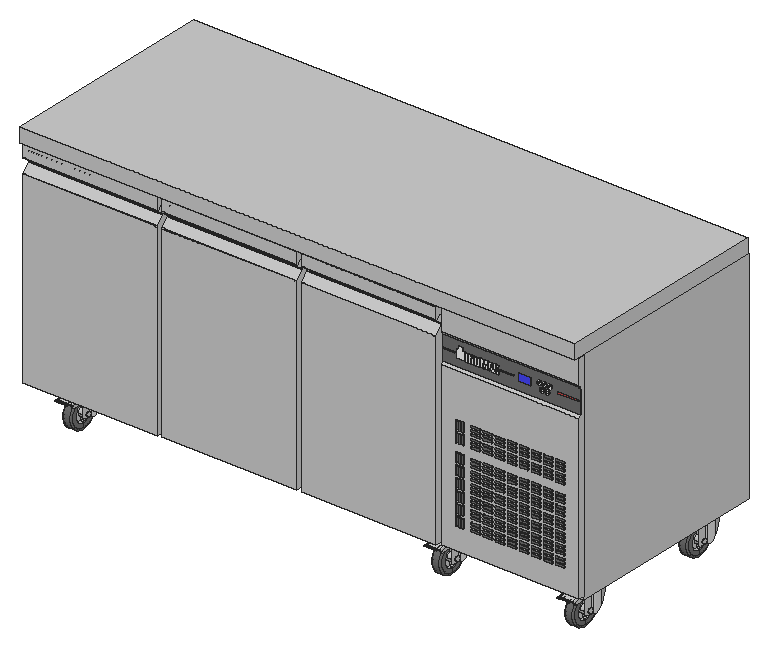
Revit family "QF_INOMAK_PNRP999_250523032323", category Specialty Equipment, Revit 2021
Family settings
  Round Connector Dimension = Use Diameter
  Part Type = Normal
  OmniClass Number = 23.40.40.14
  OmniClass Title = Food Service Equipment
  Work Plane-Based = No
  Always vertical = Yes
  Cut with Voids When Loaded = No
  Shared = No
  Room Calculation Point = No
Parameters (values of type "PNRP999")
  Weight [instance] = 132.998 kg
  Warranty Start Date [instance] = ""
  Warranty Duration [instance] = ""
  Volts [instance] = 230 V
  Volt Free Conn [instance] = no
  URL Recommended Spares List [instance] = ""
  URL Manufacturer [instance] = ""
  URL Cutsheet [instance] = ""
  URL Critical Spares List [instance] = ""
  URL = "www.inomak.com"
  Technical Documentation [instance] = ""
  Tag Number [instance] = ""
  Status [instance] = ""
  Start Up Current [instance] = 0 A
  Specification by User [instance] = ""
  Specification by Manufacturer [instance] = ""
  Sound Level [instance] = ""
  Show Logo [instance] = yes
  Show Clearances [instance] = yes
  Service Life Duration [instance] = ""
  Serial Number [instance] = ""
  Seismic Rating [instance] = ""
  SMACNA No [instance] = ""
  Revision Code [instance] = ""
  Revision [instance] = ""
  Production Year [instance] = ""
  Potential Equalisation [instance] = no
  Point Load [instance] = 0
  Phase [instance] = 1
  Other Equipment Approvals [instance] = ""
  Operational Current [instance] = 0 A
  Number of Poles [instance] = 2
  No Load Power Draw [instance] = no
  NAFEM Spec ID Number [instance] = ""
  Model Warning [instance] = ""
  Model = "PNRP999"
  Min Ckt Ampacity [instance] = 0 A
  Max Overcurrent Protection [instance] = 10 A
  Masterspec [instance] = ""
  Manufacturer = "INOMAK"
  Main switch integrated [instance] = no
  Length Actual [instance] = 1791.97 mm
  Item Number [instance] = ""
  Installed By [instance] = ""
  Installation Date [instance] = ""
  Identify Quantity as Lot [instance] = no
  ID [instance] = ""
  Hygiene Approval [instance] = ""
  Height Actual [instance] = 899.922 mm
  HP power [instance] = ""
  Furnished By [instance] = ""
  Foodservice Equipment Identifier [instance] = no
  FL Amps [instance] = 1.49 A
  Electrical Remarks [instance] = ""
  Electric power [instance] = 340 W
  Electric Connection Type [instance] = ""
  Elec Conn RI Height [instance] = 0 mm
  Elec Conn Connection Height [instance] = 0 mm
  ETL Approved [instance] = no
  Description = "PINE REFRIGERATED COUNTER WITH 3 GN 1/1 DOORS"
  Depth Actual [instance] = 700.024 mm
  Default Elevation = 0 mm
  Cycle [instance] = 50 Hz
  Cost = 0
  Connection to energy optimisation system [instance] = yes
  Conn Plug [instance] = ""
  Conn Conduit [instance] = no
  Centralized building control system with digital interface [instance] = ""
  CSI MasterFormat [instance] = ""
  CE Approved [instance] = no
  Barcode [instance] = 0
  Author [instance] = ""
  Asset Identifier [instance] = ""
  Apparent Power [instance] = 340 VA
  Accessory [instance] = no
Reference planes
  plane 1 "Center (Front/Back)": y = 0
  plane 2: z = 0
  plane 3 "Center (Left/Right)": x = 0
Forms (mm)
  Extrusion 1, solid, not visible
    sketch origin (1385.068, -100.005, 132.006) x (1, 0, 0) y (0, 1, 0)
      loop
        line (-2, 2) -> (-2, -2) -> (2, -2) -> (2, 2) -> (-2, 2)
    from -2 to 2
Dimensions and locks
  locked: nested 2 to Extrusion 1 at 2  (x2)
  aligned and locked: level to plane 2
Nested families
  nested 1: "QF_INOMAK_REF_COUNTERS_1790_2920" at (0, 0, 130), type "PNRP999"
    with Weight 132.998 kg, Warranty Start Date "", Warranty Duration "", URL Cutsheet "", Technical Documentation "", Tag Number "", Status "", Specification by User "", Specification by Manufacturer "", Sound Level "", Solid Fuel Type "", Show Clearances yes, Show Clearance yes, Service Life Duration "", Serial Number "", Seismic Rating "", SMACNA No "", Revision Code "", Revision "", Production Year "", Point Load 0, Other Equipment Approvals "", NAFEM Spec ID Number "", Model Warning "", Masterspec "", Length Actual 1791.97 mm, Item Number "", Installed By "", Installation Date "", Identify Quantity as Lot yes, ID "", Hygiene Approval "", Height Actual 899.922 mm, Furnished By "", Foodservice Equipment Identifier yes, Finish none, ETL Approved yes, Depth Actual 700.024 mm, CSI MasterFormat "", CE Approved yes, Barcode "", Author "", Asset Identifier "", Accessory no
  nested 2: "CONN_POINT_ELE_2D___Generic_Annotation" at (1385.068, -100.005, 130.006), type "CONN_POINT_ELE_2D___Generic_Annotation"
    with Onboard connection annotation symbol visibility yes
  nested 3: "QF_INOMAK_REF_COUNTERS_DOORS_DRAWERS_6956" at (0, -700, 130), type "DR-LX-710"
    with Weight 0.00 kg, Warranty Start Date "", Warranty Duration "", URL Cutsheet "", Top inset 10 mm, Technical Documentation "", Tag Number "", Status "", Specification by User "", Specification by Manufacturer "", Sound Level "", Solid Fuel Type "", Show Logo yes, Show Clearances yes, Service Life Duration "", Serial Number "", Seismic Rating "", SMACNA No "", Right panel thickness 0 mm, Revision Code "", Revision "", Rear inset 0 mm, Production Year "", Point Load 0, Plinth height 0 mm, Other Equipment Approvals "", NAFEM Spec ID Number "", Model Warning "", Masterspec "", Length Actual 435.102 mm, Left panel thickness 0 mm, Item Number "", Installed By "", Installation Date "", Identify Quantity as Lot yes, ID "", Hygiene Approval "", Height Actual 709.93 mm, Furnished By "", Front inset 10 mm, Foodservice Equipment Identifier yes, Finish none, ETL Approved yes, Doors drawers type 8, Depth Actual 80.01 mm, CSI MasterFormat "", CE Approved yes, Bottom inset 10 mm, Barcode "", Author "", Asset Identifier "", Accessory yes
  nested 4: "QF_INOMAK_REF_COUNTERS_DOORS_DRAWERS_16430" at (450, -700, 130), type "DR-RX-710"
    with Weight 0.00 kg, Warranty Start Date "", Warranty Duration "", URL Cutsheet "", Top inset 10 mm, Technical Documentation "", Tag Number "", Status "", Specification by User "", Specification by Manufacturer "", Sound Level "", Solid Fuel Type "", Show Logo yes, Show Clearances yes, Service Life Duration "", Serial Number "", Seismic Rating "", SMACNA No "", Right panel thickness 0 mm, Revision Code "", Revision "", Rear inset 0 mm, Production Year "", Point Load 0, Plinth height 0 mm, Other Equipment Approvals "", NAFEM Spec ID Number "", Model Warning "", Masterspec "", Length Actual 435.102 mm, Left panel thickness 0 mm, Item Number "", Installed By "", Installation Date "", Identify Quantity as Lot yes, ID "", Hygiene Approval "", Height Actual 709.93 mm, Furnished By "", Front inset 10 mm, Foodservice Equipment Identifier yes, Finish none, ETL Approved yes, Doors drawers type 9, Depth Actual 80.01 mm, CSI MasterFormat "", CE Approved yes, Bottom inset 10 mm, Barcode "", Author "", Asset Identifier "", Accessory yes
  nested 5: "QF_INOMAK_REF_COUNTERS_DOORS_DRAWERS_25901" at (900, -700, 130), type "DR-RX-710"
    with Weight 0.00 kg, Warranty Start Date "", Warranty Duration "", URL Cutsheet "", Top inset 10 mm, Technical Documentation "", Tag Number "", Status "", Specification by User "", Specification by Manufacturer "", Sound Level "", Solid Fuel Type "", Show Logo yes, Show Clearances yes, Service Life Duration "", Serial Number "", Seismic Rating "", SMACNA No "", Right panel thickness 0 mm, Revision Code "", Revision "", Rear inset 0 mm, Production Year "", Point Load 0, Plinth height 0 mm, Other Equipment Approvals "", NAFEM Spec ID Number "", Model Warning "", Masterspec "", Length Actual 435.102 mm, Left panel thickness 0 mm, Item Number "", Installed By "", Installation Date "", Identify Quantity as Lot yes, ID "", Hygiene Approval "", Height Actual 709.93 mm, Furnished By "", Front inset 10 mm, Foodservice Equipment Identifier yes, Finish none, ETL Approved yes, Doors drawers type 9, Depth Actual 80.01 mm, CSI MasterFormat "", CE Approved yes, Bottom inset 10 mm, Barcode "", Author "", Asset Identifier "", Accessory yes
  nested 6: "QF_INOMAK_REF_COUNTERS_WORKTOPS_35372" at (0, 0, 840), type "WTWT-1790-700"
    with Worktop without backsplash yes, Worktop with backsplash no, Worktop type 3, Worktop thickness 46 mm, Without worktop no, Weight 0.00 kg, Warranty Start Date "", Warranty Duration "", URL Cutsheet "", Technical Documentation "", Tag Number "", Status "", Specification by User "", Specification by Manufacturer "", Sound Level "", Solid Fuel Type "", Show Logo yes, Show Clearances yes, Service Life Duration "", Serial Number "", Seismic Rating "", SMACNA No "", Revision Code "", Revision "", Production Year "", Point Load 0, Other Equipment Approvals "", NAFEM Spec ID Number "", Model Warning "", Masterspec "", Length Actual 1791.97 mm, Item Number "", Installed By "", Installation Date "", Identify Quantity as Lot yes, ID "", Hygiene Approval "", Height Actual 45.974 mm, Height AFF 0 mm, Furnished By "", Foodservice Equipment Identifier yes, Finish none, ETL Approved yes, Depth Actual 700.024 mm, CSI MasterFormat "", CE Approved yes, Barcode "", Backsplash thickness 20 mm, Backsplash height 60 mm, Author "", Asset Identifier "", Accessory yes
  nested 7: "QF_INOMAK_REF_COUNTERS_CASTORS_37201" at (0, 0, 0), type "CT-1790-700"
    with Weight 0.00 kg, Warranty Start Date "", Warranty Duration "", URL Cutsheet "", Technical Documentation "", Tag Number "", Status "", Specification by User "", Specification by Manufacturer "", Sound Level "", Solid Fuel Type "", Show Logo yes, Show Clearances yes, Service Life Duration "", Serial Number "", Seismic Rating "", SMACNA No "", Revision Code "", Revision "", Production Year "", Point Load 0, Other Equipment Approvals "", NAFEM Spec ID Number "", Model Warning "", Masterspec "", Length Actual 1791.97 mm, Item Number "", Installed By "", Installation Date "", Identify Quantity as Lot yes, ID "", Hygiene Approval "", Height Actual 130.048 mm, Furnished By "", Foodservice Equipment Identifier yes, ETL Approved yes, Depth Actual 700.024 mm, CSI MasterFormat "", CE Approved yes, Barcode "", Author "", Asset Identifier "", Accessory yes
Connectors
  electrical at (1385.068, -100.005, 130.006), driven by "Apparent Power", driven by "Number of Poles", driven by "Volts"
    settings: on Extrusion 1, index 1, voltage 230 V, apparent load 0 VA, apparent load phase1 340 VA, apparent load phase2 0 VA, apparent load phase3 0 VA, power factor 1, load classification "Other", number of poles 2, system type 31, power factor state 1, is connector primary yes, connector utility no, sub classification motor no, connector description "Electrical connection for PNRP999"
Definition of nested family "QF_INOMAK_REF_COUNTERS_1790_2920"
  Parameters (values of type "PMRP999")
    Weight [instance] = 0.00 kg
    Warranty Start Date [instance] = ""
    Warranty Duration [instance] = ""
    URL Cutsheet [instance] = ""
    URL = "www.inomak.com"
    Technical Documentation [instance] = ""
    Tag Number [instance] = ""
    Status [instance] = ""
    Specification by User [instance] = ""
    Specification by Manufacturer [instance] = ""
    Sound Level [instance] = ""
    Solid Fuel Type [instance] = ""
    Show Logo = yes
    Show Clearances [instance] = yes
    Show Clearance [instance] = yes
    Service Life Duration [instance] = ""
    Serial Number [instance] = ""
    Seismic Rating [instance] = ""
    SMACNA No [instance] = ""
    Revision Code [instance] = ""
    Revision [instance] = ""
    Production Year [instance] = ""
    Point Load [instance] = 0
    Other Equipment Approvals [instance] = ""
    NAFEM Spec ID Number [instance] = ""
    Model Warning [instance] = ""
    Model = "PMRP999"
    Masterspec [instance] = ""
    Manufacturer = "INOMAK"
    Length Actual [instance] = 0 mm
    Length = 1792 mm
    Item Number [instance] = ""
    Installed By [instance] = ""
    Installation Date [instance] = ""
    Identify Quantity as Lot [instance] = yes
    ID [instance] = ""
    Hygiene Approval [instance] = ""
    Height Actual [instance] = 0 mm
    Height = 710 mm
    Furnished By [instance] = ""
    Foodservice Equipment Identifier [instance] = yes
    Finish [instance] = none
    ETL Approved [instance] = yes
    Description = "CLOVER CHILLER COUNTER WITH 3 DOORS, COMPACT DIMENSIONS"
    Depth Actual [instance] = 0 mm
    Depth = 600 mm
    Default Elevation = 0 mm
    CSI MasterFormat [instance] = ""
    CE Approved [instance] = yes
    Barcode [instance] = ""
    Author [instance] = ""
    Asset Identifier [instance] = ""
    Assembly Code = "E1090320"
    Accessory [instance] = yes
  Types (2, lengths in mm): name | Model | Description | Depth
    PNRP999 | "PNRP999" | "PINE REFRIGERATED COUNTER WITH 3 GN 1/1 DOORS" | 700
    PMRP999 | "PMRP999" | "CLOVER CHILLER COUNTER WITH 3 DOORS, COMPACT DIMENSIONS" | 600
  Reference planes
    plane 1 "Back": y = 0
    plane 2: z = 0
    plane 3 "Left": x = 0
    plane 4 "Right": x = 1792
    plane 5 "Front": y = -600
    plane 6 "Top": z = 710
  Forms (mm)
    Extrusion 1, solid, material <- "Finish"
      sketch origin (0, 0, 0) x (1, 0, 0) y (0, 1, 0)
        loop
          line (0, -548) -> (30, -548) -> (30, -30) -> (1317, -30) -> (1317, -548) -> (1347, -548) -> (1347, -565) -> (1792, -565) -> (1792, 0) -> (0, 0) -> (0, -548)
      from 0 to 710
    Extrusion 2, solid, material <- "Finish"
      sketch origin (0, 0, 0) x (1, 0, 0) y (0, 1, 0)
        loop
          line (30, -30) -> (30, -548) -> (1317, -548) -> (1317, -30) -> (30, -30)
      from 0 to 45
    Extrusion 3, solid, material <- "Finish"
      sketch origin (0, 0, 710) x (0, 1, 0) y (-1, 0, 0)
        loop
          line (-30, -30) -> (-548, -30) -> (-548, -1317) -> (-30, -1317) -> (-30, -30)
      from 0 to -30
    Extrusion 4, solid, material <- "Finish"
      sketch origin (1792, 0, 0) x (0, -1, 0) y (0, 0, 1)
        loop
          line (583.05, 705) -> (565, 705) -> (565, 10) -> (583.05, 10) -> (583.05, 532.058) -> (576.05, 539.058) -> (576.05, 618.864) -> (583.05, 625.864) -> (583.05, 705)
      from 0 to 445
    Extrusion 5, solid
      sketch origin (0, -600, 0) x (-1, 0, 0) y (0, 0, 1)
        loop
          circle (-1658.654, 586.73) r 6.965
        loop
          circle (-1675.685, 586.73) r 6.965
        loop
          circle (-1692.694, 586.73) r 6.965
        loop
          circle (-1667.18, 568.729) r 6.965
        loop
          circle (-1684.189, 568.729) r 6.965
        loop
          circle (-1658.654, 586.73) r 3.965
        loop
          circle (-1675.685, 586.73) r 3.965
        loop
          circle (-1692.694, 586.73) r 3.965
        loop
          circle (-1667.18, 568.729) r 3.965
        loop
          circle (-1684.189, 568.729) r 3.965
      from 23 to 25.5
    Extrusion 6, solid
      sketch origin (0, -600, 0) x (-1, 0, 0) y (0, 0, 1)
        loop
          line (-1630.865, 590.461) -> (-1630.865, 567.461) -> (-1590.865, 567.461) -> (-1590.865, 590.461) -> (-1630.865, 590.461)
      from 23 to 25.5
    Extrusion 7, solid
      sketch origin (0, -600, 0) x (-1, 0, 0) y (0, 0, 1)
        loop
          line (-1347, 618.864) -> (-1792, 618.864) -> (-1792, 539.058) -> (-1347, 539.058) -> (-1347, 618.864)
      from 23.5 to 25.5
    Extrusion 8, solid, visible <- "Show Logo"
      sketch origin (0, -600, 0) x (-1, 0, 0) y (0, 0, 1)
        loop
          line (-1391.061, 591.01) -> (-1397.061, 591.01) -> (-1397.061, 602.118) -> (-1411.298, 602.118) -> (-1411.298, 591.01) -> (-1417.298, 591.01) -> (-1417.298, 564.76) -> (-1391.061, 564.76) -> (-1391.061, 591.01)
        loop
          line (-1421.613, 590.698) -> (-1428.903, 590.698) -> (-1428.903, 564.76) -> (-1421.613, 564.76) -> (-1421.613, 590.698)
        loop
          line (-1431.422, 564.76) -> (-1431.422, 590.698) -> (-1438.256, 590.698) -> (-1441.449, 578.78) -> (-1441.449, 590.698) -> (-1447.982, 590.698) -> (-1447.982, 564.76) -> (-1441.449, 564.76) -> (-1437.735, 578.623) -> (-1437.735, 564.76) -> (-1431.422, 564.76)
        loop
          line (-1468.664, 564.76) -> (-1468.664, 590.698) -> (-1477.626, 590.698) -> (-1479.988, 576.688) -> (-1482.35, 590.698) -> (-1491.312, 590.698) -> (-1491.312, 564.76) -> (-1484.687, 564.76) -> (-1484.687, 578.623) -> (-1482.35, 564.76) -> (-1477.626, 564.76) -> (-1475.289, 578.623) -> (-1475.289, 564.76) -> (-1468.664, 564.76)
        loop
          line (-1453.851, 590.698) -> (-1463.176, 590.698)
          arc (-1463.176, 590.698) -> (-1465.773, 589.622) -> (-1466.849, 587.026) r 3.672
          line (-1466.849, 587.026) -> (-1466.849, 568.433)
          arc (-1466.849, 568.433) -> (-1465.773, 565.836) -> (-1463.176, 564.76) r 3.672
          line (-1463.176, 564.76) -> (-1453.851, 564.76)
          arc (-1453.851, 564.76) -> (-1451.255, 565.836) -> (-1450.179, 568.433) r 3.672
          line (-1450.179, 568.433) -> (-1450.179, 587.026)
          arc (-1450.179, 587.026) -> (-1451.255, 589.622) -> (-1453.851, 590.698) r 3.672
        loop
          arc (-1457.487, 587.542) -> (-1458.514, 588.569) -> (-1459.541, 587.542) r 1.027
          line (-1459.541, 587.542) -> (-1459.541, 568.949)
          arc (-1459.541, 568.949) -> (-1458.514, 567.922) -> (-1457.487, 568.949) r 1.027
          line (-1457.487, 568.949) -> (-1457.487, 587.542)
        loop
          line (-1492.382, 564.76) -> (-1496.755, 590.698) -> (-1505.615, 590.698) -> (-1509.988, 564.76) -> (-1503.461, 564.76) -> (-1502.852, 569.723) -> (-1499.518, 569.723) -> (-1498.909, 564.76) -> (-1492.382, 564.76)
        loop
          line (-1500.074, 574.252) -> (-1501.185, 583.299) -> (-1502.296, 574.252) -> (-1500.074, 574.252)
        loop
          line (-1510.954, 564.76) -> (-1510.954, 590.698) -> (-1517.579, 590.698) -> (-1517.579, 581.585) -> (-1520.365, 590.698) -> (-1527.803, 590.698) -> (-1523.474, 579.422) -> (-1528.522, 564.76) -> (-1520.939, 564.76) -> (-1517.579, 577.3) -> (-1517.579, 564.76) -> (-1510.954, 564.76)
      from 23 to 25.5
    Extrusion 9, solid
      sketch origin (0, -600, 0) x (-1, 0, 0) y (0, 0, 1)
        loop
          line (-1347, 580.961) -> (-1383.995, 580.961) -> (-1383.995, 576.961) -> (-1347, 576.961) -> (-1347, 580.961)
        loop
          line (-1532, 580.961) -> (-1576.365, 580.961) -> (-1576.365, 576.961) -> (-1532, 576.961) -> (-1532, 580.961)
        loop
          line (-1792, 580.961) -> (-1792, 576.961) -> (-1718.755, 576.961) -> (-1718.755, 580.961) -> (-1792, 580.961)
      from 23 to 25.5
  Cuts and joins
    joined: Extrusion 1, Extrusion 2, Extrusion 3
  Lines and regions (mm)
    symbolic lines, visible <- "Show Clearance"
      curve 1: line (0, 0, 0) -> (1792, 0, 0)
      curve 2: line (1792, 0, 0) -> (1792, -600, 0)
      curve 3: line (1792, -600, 0) -> (0, -600, 0)
      curve 4: line (0, -600, 0) -> (0, 0, 0)
  Dimensions and locks
    "Length": plane 3 "Left" to plane 4 "Right"
    "Depth": plane 5 "Front" to plane 1 "Back"
    "Height": plane 6 "Top" to plane 2
    aligned and locked: level to plane 2
    aligned and locked: plane 6 "Top" to Extrusion 1
    aligned and locked: nested 1 to plane 4 "Right"
    aligned and locked: plane 5 "Front" to nested 1
    aligned and locked: plane 5 "Front" to curve 3
  Automatic sketch dimensions
    plane 3 "Left" to Extrusion 2 sketch curve = 30 mm
    plane 4 "Right" to Extrusion 2 sketch curve = 475 mm
    plane 1 "Back" to Extrusion 2 sketch curve = 30 mm
    plane 1 "Back" to Extrusion 3 sketch curve = 30 mm
    plane 4 "Right" to Extrusion 3 sketch curve = 475 mm
    plane 3 "Left" to Extrusion 3 sketch curve = 30 mm
    Extrusion 1 sketch curve to plane 3 "Left" = 0 mm
    plane 1 "Back" to Extrusion 1 sketch curve = 0 mm
    Extrusion 1 sketch curve to plane 4 "Right" = 0 mm
    plane 3 "Left" to Extrusion 1 sketch curve = 30 mm
    plane 1 "Back" to Extrusion 1 sketch curve = 30 mm
    plane 4 "Right" to Extrusion 1 sketch curve = 475 mm
    Extrusion 1 sketch curve to Extrusion 1 sketch curve = 30 mm
    plane 5 "Front" to Extrusion 1 sketch curve = 35 mm
    plane 5 "Front" to Extrusion 1 sketch curve = 52 mm
    Extrusion 1 sketch curve to Extrusion 1 sketch curve = 17 mm
    plane 5 "Front" to Extrusion 2 sketch curve = 52 mm
    plane 5 "Front" to Extrusion 3 sketch curve = 52 mm
    Extrusion 4 sketch curve to plane 6 "Top" = 5 mm
    plane 5 "Front" to Extrusion 4 sketch curve = 35 mm
    plane 5 "Front" to Extrusion 4 sketch curve = 23.95 mm
    Extrusion 4 sketch curve to Extrusion 4 sketch curve = 7 mm  (x4)
    Extrusion 4 sketch curve to Extrusion 4 sketch curve = 79.136 mm
    Extrusion 4 sketch curve to Extrusion 4 sketch curve = 79.807 mm
    level to Extrusion 4 sketch curve = 10 mm
    Extrusion 5 sketch curve to Extrusion 5 sketch curve = 0 mm  (x13)
    plane 4 "Right" to Extrusion 5 sketch curve = 99.306 mm
    Extrusion 5 sketch curve to Extrusion 5 sketch curve = 8.505 mm
    Extrusion 5 sketch curve to Extrusion 5 sketch curve = 17.009 mm  (x2)
    Extrusion 5 sketch curve to Extrusion 5 sketch curve = 17.03 mm
    Extrusion 5 sketch curve to plane 6 "Top" = 141.271 mm
    Extrusion 5 sketch curve to Extrusion 5 sketch curve = 18.001 mm
    plane 4 "Right" to Extrusion 6 sketch curve = 161.135 mm
    Extrusion 6 sketch curve to Extrusion 6 sketch curve = 40 mm
    Extrusion 6 sketch curve to plane 6 "Top" = 142.539 mm
    Extrusion 6 sketch curve to Extrusion 6 sketch curve = 23 mm
    plane 4 "Right" to Extrusion 7 sketch curve = 0 mm
    Extrusion 7 sketch curve to plane 6 "Top" = 170.942 mm
    plane 4 "Right" to Extrusion 7 sketch curve = 445 mm
    Extrusion 7 sketch curve to Extrusion 7 sketch curve = 79.807 mm
    plane 4 "Right" to Extrusion 8 sketch curve = 263.478 mm
    Extrusion 8 sketch curve to Extrusion 8 sketch curve = 0.72 mm
    Extrusion 8 sketch curve to plane 6 "Top" = 130.578 mm
    Extrusion 8 sketch curve to Extrusion 8 sketch curve = 4.329 mm
    Extrusion 8 sketch curve to Extrusion 8 sketch curve = 7.584 mm
    Extrusion 8 sketch curve to plane 6 "Top" = 119.302 mm  (x2)
    Extrusion 8 sketch curve to Extrusion 8 sketch curve = 7.438 mm
    Extrusion 8 sketch curve to plane 6 "Top" = 132.7 mm
    Extrusion 8 sketch curve to Extrusion 8 sketch curve = 5.895 mm
    Extrusion 8 sketch curve to plane 6 "Top" = 128.415 mm
    Extrusion 8 sketch curve to Extrusion 8 sketch curve = 0 mm  (x11)
    Extrusion 8 sketch curve to Extrusion 8 sketch curve = 6.625 mm  (x2)
    Extrusion 8 sketch curve to Extrusion 8 sketch curve = 0.965 mm
    Extrusion 8 sketch curve to Extrusion 8 sketch curve = 5.338 mm
    Extrusion 8 sketch curve to Extrusion 8 sketch curve = 6.527 mm  (x2)
    Extrusion 8 sketch curve to plane 6 "Top" = 140.277 mm
    Extrusion 8 sketch curve to Extrusion 8 sketch curve = 0.609 mm
    Extrusion 8 sketch curve to plane 6 "Top" = 135.748 mm
    Extrusion 8 sketch curve to Extrusion 8 sketch curve = 0.556 mm
    Extrusion 8 sketch curve to plane 6 "Top" = 126.701 mm
    Extrusion 8 sketch curve to Extrusion 8 sketch curve = 4.43 mm  (x2)
    Extrusion 8 sketch curve to Extrusion 8 sketch curve = 2.222 mm
    Extrusion 8 sketch curve to Extrusion 8 sketch curve = 3.334 mm
    Extrusion 8 sketch curve to Extrusion 8 sketch curve = 4.552 mm
    Extrusion 8 sketch curve to plane 6 "Top" = 145.24 mm  (x2)
    Extrusion 8 sketch curve to Extrusion 8 sketch curve = 1.069 mm
    Extrusion 8 sketch curve to plane 6 "Top" = 131.377 mm  (x2)
    Extrusion 8 sketch curve to Extrusion 8 sketch curve = 8.962 mm  (x2)
    Extrusion 8 sketch curve to Extrusion 8 sketch curve = 2.337 mm
    Extrusion 8 sketch curve to plane 6 "Top" = 133.312 mm
    Extrusion 8 sketch curve to Extrusion 8 sketch curve = 4.699 mm  (x2)
    Extrusion 8 sketch curve to Extrusion 8 sketch curve = 4.724 mm  (x2)
    Extrusion 8 sketch curve to Extrusion 8 sketch curve = 1.815 mm
    Extrusion 8 sketch curve to Extrusion 8 sketch curve = 3.672 mm  (x8)
    Extrusion 8 sketch curve to Extrusion 8 sketch curve = 3.636 mm  (x3)
    Extrusion 8 sketch curve to Extrusion 8 sketch curve = 1.027 mm
    Extrusion 8 sketch curve to Extrusion 8 sketch curve = 2.197 mm
    Extrusion 8 sketch curve to Extrusion 8 sketch curve = 6.532 mm  (x2)
    Extrusion 8 sketch curve to Extrusion 8 sketch curve = 3.194 mm
    Extrusion 8 sketch curve to Extrusion 8 sketch curve = 3.714 mm
    Extrusion 8 sketch curve to Extrusion 8 sketch curve = 6.313 mm
    Extrusion 8 sketch curve to Extrusion 8 sketch curve = 2.52 mm
    Extrusion 8 sketch curve to Extrusion 8 sketch curve = 7.29 mm
    Extrusion 8 sketch curve to Extrusion 8 sketch curve = 4.315 mm
    Extrusion 8 sketch curve to Extrusion 8 sketch curve = 6 mm
    Extrusion 8 sketch curve to Extrusion 8 sketch curve = 14.237 mm
    Extrusion 8 sketch curve to Extrusion 8 sketch curve = 26.237 mm
    Extrusion 8 sketch curve to Extrusion 8 sketch curve = 14.661 mm
    Extrusion 8 sketch curve to Extrusion 8 sketch curve = 4.963 mm
    Extrusion 8 sketch curve to Extrusion 8 sketch curve = 0.516 mm  (x2)
    Extrusion 8 sketch curve to Extrusion 8 sketch curve = 13.862 mm
    Extrusion 8 sketch curve to Extrusion 8 sketch curve = 0.157 mm
    Extrusion 8 sketch curve to Extrusion 8 sketch curve = 26.25 mm
    Extrusion 8 sketch curve to Extrusion 8 sketch curve = 0.312 mm
    Extrusion 8 sketch curve to Extrusion 8 sketch curve = 11.107 mm
    plane 4 "Right" to Extrusion 9 sketch curve = 0 mm
    plane 4 "Right" to Extrusion 9 sketch curve = 73.245 mm
    Extrusion 9 sketch curve to Extrusion 9 sketch curve = 142.39 mm
    Extrusion 9 sketch curve to Extrusion 9 sketch curve = 44.365 mm
    Extrusion 9 sketch curve to Extrusion 9 sketch curve = 148.005 mm
    Extrusion 9 sketch curve to Extrusion 9 sketch curve = 36.995 mm
    Extrusion 9 sketch curve to plane 6 "Top" = 133.039 mm  (x3)
    Extrusion 9 sketch curve to Extrusion 9 sketch curve = 4 mm  (x3)
    plane 1 "Back" to curve 1 = 0 mm
    curve 1 to plane 3 "Left" = 0 mm
    curve 2 to plane 4 "Right" = 0 mm
    radius of Extrusion 5 sketch curve = 6.965 mm  (x5)
    radius of Extrusion 5 sketch curve = 3.965 mm  (x5)
  Nested families
    nested 1: "QF_INOMAK_CONRTOL-PANEL" at (1792, 100, 0), type "PNRP9999"
      with Show Clearance yes
  Definition of nested family "QF_INOMAK_CONRTOL-PANEL"
    Parameters (values of type "PNRP9999")
      URL = ""
      Show Logo = yes
      Show Clearance [instance] = yes
      Model = ""
      Manufacturer = ""
      Length = 0 mm
      Height = 710 mm
      Front offset = 80 mm
      Description = ""
      Depth = 700 mm
      Default Elevation = 0 mm
      Assembly Code = ""
    Reference planes
      plane 1 "Back": y = 0
      plane 2: z = 0
      plane 3 "Left": x = 0
      plane 4 "Right": x = 0
      plane 5 "Front": y = -700
      plane 6 "Top": z = 710
      plane 7 "Front offset": y = -620
    Forms (mm)
      Extrusion 1, solid
        sketch origin (-2240, -700, 0) x (-1, 0, 0) y (0, 0, 1)
          loop
            arc (-2191.4, 389.855) -> (-2194.4, 386.855) -> (-2191.4, 383.855) r 3
            line (-2191.4, 383.855) -> (-2167.4, 383.855)
            arc (-2167.4, 383.855) -> (-2164.4, 386.855) -> (-2167.4, 389.855) r 3
            line (-2167.4, 389.855) -> (-2191.4, 389.855)
          loop
            arc (-2152.4, 389.855) -> (-2155.4, 386.855) -> (-2152.4, 383.855) r 3
            line (-2152.4, 383.855) -> (-2128.4, 383.855)
            arc (-2128.4, 383.855) -> (-2125.4, 386.855) -> (-2128.4, 389.855) r 3
            line (-2128.4, 389.855) -> (-2152.4, 389.855)
          loop
            arc (-2113.4, 389.855) -> (-2116.4, 386.855) -> (-2113.4, 383.855) r 3
            line (-2113.4, 383.855) -> (-2089.4, 383.855)
            arc (-2089.4, 383.855) -> (-2086.4, 386.855) -> (-2089.4, 389.855) r 3
            line (-2089.4, 389.855) -> (-2113.4, 389.855)
          loop
            arc (-2074.4, 389.855) -> (-2077.4, 386.855) -> (-2074.4, 383.855) r 3
            line (-2074.4, 383.855) -> (-2050.4, 383.855)
            arc (-2050.4, 383.855) -> (-2047.4, 386.855) -> (-2050.4, 389.855) r 3
            line (-2050.4, 389.855) -> (-2074.4, 389.855)
          loop
            arc (-2035.4, 389.855) -> (-2038.4, 386.855) -> (-2035.4, 383.855) r 3
            line (-2035.4, 383.855) -> (-2011.4, 383.855)
            arc (-2011.4, 383.855) -> (-2008.4, 386.855) -> (-2011.4, 389.855) r 3
            line (-2011.4, 389.855) -> (-2035.4, 389.855)
          loop
            arc (-1996.4, 389.855) -> (-1999.4, 386.855) -> (-1996.4, 383.855) r 3
            line (-1996.4, 383.855) -> (-1972.4, 383.855)
            arc (-1972.4, 383.855) -> (-1969.4, 386.855) -> (-1972.4, 389.855) r 3
            line (-1972.4, 389.855) -> (-1996.4, 389.855)
          loop
            arc (-1957.4, 389.855) -> (-1960.4, 386.855) -> (-1957.4, 383.855) r 3
            line (-1957.4, 383.855) -> (-1933.4, 383.855)
            arc (-1933.4, 383.855) -> (-1930.4, 386.855) -> (-1933.4, 389.855) r 3
            line (-1933.4, 389.855) -> (-1957.4, 389.855)
          loop
            arc (-1918.4, 389.855) -> (-1921.4, 386.855) -> (-1918.4, 383.855) r 3
            line (-1918.4, 383.855) -> (-1894.4, 383.855)
            arc (-1894.4, 383.855) -> (-1891.4, 386.855) -> (-1894.4, 389.855) r 3
            line (-1894.4, 389.855) -> (-1918.4, 389.855)
          loop
            arc (-2191.4, 378.855) -> (-2194.4, 375.855) -> (-2191.4, 372.855) r 3
            line (-2191.4, 372.855) -> (-2167.4, 372.855)
            arc (-2167.4, 372.855) -> (-2164.4, 375.855) -> (-2167.4, 378.855) r 3
            line (-2167.4, 378.855) -> (-2191.4, 378.855)
          loop
            arc (-2152.4, 378.855) -> (-2155.4, 375.855) -> (-2152.4, 372.855) r 3
            line (-2152.4, 372.855) -> (-2128.4, 372.855)
            arc (-2128.4, 372.855) -> (-2125.4, 375.855) -> (-2128.4, 378.855) r 3
            line (-2128.4, 378.855) -> (-2152.4, 378.855)
          loop
            arc (-2113.4, 378.855) -> (-2116.4, 375.855) -> (-2113.4, 372.855) r 3
            line (-2113.4, 372.855) -> (-2089.4, 372.855)
            arc (-2089.4, 372.855) -> (-2086.4, 375.855) -> (-2089.4, 378.855) r 3
            line (-2089.4, 378.855) -> (-2113.4, 378.855)
          loop
            arc (-2074.4, 378.855) -> (-2077.4, 375.855) -> (-2074.4, 372.855) r 3
            line (-2074.4, 372.855) -> (-2050.4, 372.855)
            arc (-2050.4, 372.855) -> (-2047.4, 375.855) -> (-2050.4, 378.855) r 3
            line (-2050.4, 378.855) -> (-2074.4, 378.855)
          loop
            arc (-2035.4, 378.855) -> (-2038.4, 375.855) -> (-2035.4, 372.855) r 3
            line (-2035.4, 372.855) -> (-2011.4, 372.855)
            arc (-2011.4, 372.855) -> (-2008.4, 375.855) -> (-2011.4, 378.855) r 3
            line (-2011.4, 378.855) -> (-2035.4, 378.855)
          loop
            arc (-1996.4, 378.855) -> (-1999.4, 375.855) -> (-1996.4, 372.855) r 3
            line (-1996.4, 372.855) -> (-1972.4, 372.855)
            arc (-1972.4, 372.855) -> (-1969.4, 375.855) -> (-1972.4, 378.855) r 3
            line (-1972.4, 378.855) -> (-1996.4, 378.855)
          loop
            arc (-1957.4, 378.855) -> (-1960.4, 375.855) -> (-1957.4, 372.855) r 3
            line (-1957.4, 372.855) -> (-1933.4, 372.855)
            arc (-1933.4, 372.855) -> (-1930.4, 375.855) -> (-1933.4, 378.855) r 3
            line (-1933.4, 378.855) -> (-1957.4, 378.855)
          loop
            arc (-1918.4, 378.855) -> (-1921.4, 375.855) -> (-1918.4, 372.855) r 3
            line (-1918.4, 372.855) -> (-1894.4, 372.855)
            arc (-1894.4, 372.855) -> (-1891.4, 375.855) -> (-1894.4, 378.855) r 3
            line (-1894.4, 378.855) -> (-1918.4, 378.855)
          loop
            arc (-2191.4, 367.855) -> (-2194.4, 364.855) -> (-2191.4, 361.855) r 3
            line (-2191.4, 361.855) -> (-2167.4, 361.855)
            arc (-2167.4, 361.855) -> (-2164.4, 364.855) -> (-2167.4, 367.855) r 3
            line (-2167.4, 367.855) -> (-2191.4, 367.855)
          loop
            arc (-2152.4, 367.855) -> (-2155.4, 364.855) -> (-2152.4, 361.855) r 3
            line (-2152.4, 361.855) -> (-2128.4, 361.855)
            arc (-2128.4, 361.855) -> (-2125.4, 364.855) -> (-2128.4, 367.855) r 3
            line (-2128.4, 367.855) -> (-2152.4, 367.855)
          loop
            arc (-2113.4, 367.855) -> (-2116.4, 364.855) -> (-2113.4, 361.855) r 3
            line (-2113.4, 361.855) -> (-2089.4, 361.855)
            arc (-2089.4, 361.855) -> (-2086.4, 364.855) -> (-2089.4, 367.855) r 3
            line (-2089.4, 367.855) -> (-2113.4, 367.855)
          loop
            arc (-2074.4, 367.855) -> (-2077.4, 364.855) -> (-2074.4, 361.855) r 3
            line (-2074.4, 361.855) -> (-2050.4, 361.855)
            arc (-2050.4, 361.855) -> (-2047.4, 364.855) -> (-2050.4, 367.855) r 3
            line (-2050.4, 367.855) -> (-2074.4, 367.855)
          loop
            arc (-2035.4, 367.855) -> (-2038.4, 364.855) -> (-2035.4, 361.855) r 3
            line (-2035.4, 361.855) -> (-2011.4, 361.855)
            arc (-2011.4, 361.855) -> (-2008.4, 364.855) -> (-2011.4, 367.855) r 3
            line (-2011.4, 367.855) -> (-2035.4, 367.855)
          loop
            arc (-1996.4, 367.855) -> (-1999.4, 364.855) -> (-1996.4, 361.855) r 3
            line (-1996.4, 361.855) -> (-1972.4, 361.855)
            arc (-1972.4, 361.855) -> (-1969.4, 364.855) -> (-1972.4, 367.855) r 3
            line (-1972.4, 367.855) -> (-1996.4, 367.855)
          loop
            arc (-1957.4, 367.855) -> (-1960.4, 364.855) -> (-1957.4, 361.855) r 3
            line (-1957.4, 361.855) -> (-1933.4, 361.855)
            arc (-1933.4, 361.855) -> (-1930.4, 364.855) -> (-1933.4, 367.855) r 3
            line (-1933.4, 367.855) -> (-1957.4, 367.855)
          loop
            arc (-1918.4, 367.855) -> (-1921.4, 364.855) -> (-1918.4, 361.855) r 3
            line (-1918.4, 361.855) -> (-1894.4, 361.855)
            arc (-1894.4, 361.855) -> (-1891.4, 364.855) -> (-1894.4, 367.855) r 3
            line (-1894.4, 367.855) -> (-1918.4, 367.855)
          loop
            arc (-2191.4, 352.855) -> (-2194.4, 349.855) -> (-2191.4, 346.855) r 3
            line (-2191.4, 346.855) -> (-2167.4, 346.855)
            arc (-2167.4, 346.855) -> (-2164.4, 349.855) -> (-2167.4, 352.855) r 3
            line (-2167.4, 352.855) -> (-2191.4, 352.855)
          loop
            arc (-2152.4, 352.855) -> (-2155.4, 349.855) -> (-2152.4, 346.855) r 3
            line (-2152.4, 346.855) -> (-2128.4, 346.855)
            arc (-2128.4, 346.855) -> (-2125.4, 349.855) -> (-2128.4, 352.855) r 3
            line (-2128.4, 352.855) -> (-2152.4, 352.855)
          loop
            arc (-2113.4, 352.855) -> (-2116.4, 349.855) -> (-2113.4, 346.855) r 3
            line (-2113.4, 346.855) -> (-2089.4, 346.855)
            arc (-2089.4, 346.855) -> (-2086.4, 349.855) -> (-2089.4, 352.855) r 3
            line (-2089.4, 352.855) -> (-2113.4, 352.855)
          loop
            arc (-2074.4, 352.855) -> (-2077.4, 349.855) -> (-2074.4, 346.855) r 3
            line (-2074.4, 346.855) -> (-2050.4, 346.855)
            arc (-2050.4, 346.855) -> (-2047.4, 349.855) -> (-2050.4, 352.855) r 3
            line (-2050.4, 352.855) -> (-2074.4, 352.855)
          loop
            arc (-2035.4, 352.855) -> (-2038.4, 349.855) -> (-2035.4, 346.855) r 3
            line (-2035.4, 346.855) -> (-2011.4, 346.855)
            arc (-2011.4, 346.855) -> (-2008.4, 349.855) -> (-2011.4, 352.855) r 3
            line (-2011.4, 352.855) -> (-2035.4, 352.855)
          loop
            arc (-1996.4, 352.855) -> (-1999.4, 349.855) -> (-1996.4, 346.855) r 3
            line (-1996.4, 346.855) -> (-1972.4, 346.855)
            arc (-1972.4, 346.855) -> (-1969.4, 349.855) -> (-1972.4, 352.855) r 3
            line (-1972.4, 352.855) -> (-1996.4, 352.855)
          loop
            arc (-1957.4, 352.855) -> (-1960.4, 349.855) -> (-1957.4, 346.855) r 3
            line (-1957.4, 346.855) -> (-1933.4, 346.855)
            arc (-1933.4, 346.855) -> (-1930.4, 349.855) -> (-1933.4, 352.855) r 3
            line (-1933.4, 352.855) -> (-1957.4, 352.855)
          loop
            arc (-1918.4, 352.855) -> (-1921.4, 349.855) -> (-1918.4, 346.855) r 3
            line (-1918.4, 346.855) -> (-1894.4, 346.855)
            arc (-1894.4, 346.855) -> (-1891.4, 349.855) -> (-1894.4, 352.855) r 3
            line (-1894.4, 352.855) -> (-1918.4, 352.855)
          loop
            arc (-2191.4, 341.855) -> (-2194.4, 338.855) -> (-2191.4, 335.855) r 3
            line (-2191.4, 335.855) -> (-2167.4, 335.855)
            arc (-2167.4, 335.855) -> (-2164.4, 338.855) -> (-2167.4, 341.855) r 3
            line (-2167.4, 341.855) -> (-2191.4, 341.855)
          loop
            arc (-2152.4, 341.855) -> (-2155.4, 338.855) -> (-2152.4, 335.855) r 3
            line (-2152.4, 335.855) -> (-2128.4, 335.855)
            arc (-2128.4, 335.855) -> (-2125.4, 338.855) -> (-2128.4, 341.855) r 3
            line (-2128.4, 341.855) -> (-2152.4, 341.855)
          loop
            arc (-2113.4, 341.855) -> (-2116.4, 338.855) -> (-2113.4, 335.855) r 3
            line (-2113.4, 335.855) -> (-2089.4, 335.855)
            arc (-2089.4, 335.855) -> (-2086.4, 338.855) -> (-2089.4, 341.855) r 3
            line (-2089.4, 341.855) -> (-2113.4, 341.855)
          loop
            arc (-2074.4, 341.855) -> (-2077.4, 338.855) -> (-2074.4, 335.855) r 3
            line (-2074.4, 335.855) -> (-2050.4, 335.855)
            arc (-2050.4, 335.855) -> (-2047.4, 338.855) -> (-2050.4, 341.855) r 3
            line (-2050.4, 341.855) -> (-2074.4, 341.855)
          loop
            arc (-2035.4, 341.855) -> (-2038.4, 338.855) -> (-2035.4, 335.855) r 3
            line (-2035.4, 335.855) -> (-2011.4, 335.855)
            arc (-2011.4, 335.855) -> (-2008.4, 338.855) -> (-2011.4, 341.855) r 3
            line (-2011.4, 341.855) -> (-2035.4, 341.855)
          loop
            arc (-1996.4, 341.855) -> (-1999.4, 338.855) -> (-1996.4, 335.855) r 3
            line (-1996.4, 335.855) -> (-1972.4, 335.855)
            arc (-1972.4, 335.855) -> (-1969.4, 338.855) -> (-1972.4, 341.855) r 3
            line (-1972.4, 341.855) -> (-1996.4, 341.855)
          loop
            arc (-1957.4, 341.855) -> (-1960.4, 338.855) -> (-1957.4, 335.855) r 3
            line (-1957.4, 335.855) -> (-1933.4, 335.855)
            arc (-1933.4, 335.855) -> (-1930.4, 338.855) -> (-1933.4, 341.855) r 3
            line (-1933.4, 341.855) -> (-1957.4, 341.855)
          loop
            arc (-1918.4, 341.855) -> (-1921.4, 338.855) -> (-1918.4, 335.855) r 3
            line (-1918.4, 335.855) -> (-1894.4, 335.855)
            arc (-1894.4, 335.855) -> (-1891.4, 338.855) -> (-1894.4, 341.855) r 3
            line (-1894.4, 341.855) -> (-1918.4, 341.855)
          loop
            arc (-2191.4, 330.855) -> (-2194.4, 327.855) -> (-2191.4, 324.855) r 3
            line (-2191.4, 324.855) -> (-2167.4, 324.855)
            arc (-2167.4, 324.855) -> (-2164.4, 327.855) -> (-2167.4, 330.855) r 3
            line (-2167.4, 330.855) -> (-2191.4, 330.855)
          loop
            arc (-2152.4, 330.855) -> (-2155.4, 327.855) -> (-2152.4, 324.855) r 3
            line (-2152.4, 324.855) -> (-2128.4, 324.855)
            arc (-2128.4, 324.855) -> (-2125.4, 327.855) -> (-2128.4, 330.855) r 3
            line (-2128.4, 330.855) -> (-2152.4, 330.855)
          loop
            arc (-2113.4, 330.855) -> (-2116.4, 327.855) -> (-2113.4, 324.855) r 3
            line (-2113.4, 324.855) -> (-2089.4, 324.855)
            arc (-2089.4, 324.855) -> (-2086.4, 327.855) -> (-2089.4, 330.855) r 3
            line (-2089.4, 330.855) -> (-2113.4, 330.855)
          loop
            arc (-2074.4, 330.855) -> (-2077.4, 327.855) -> (-2074.4, 324.855) r 3
            line (-2074.4, 324.855) -> (-2050.4, 324.855)
            arc (-2050.4, 324.855) -> (-2047.4, 327.855) -> (-2050.4, 330.855) r 3
            line (-2050.4, 330.855) -> (-2074.4, 330.855)
          loop
            arc (-2035.4, 330.855) -> (-2038.4, 327.855) -> (-2035.4, 324.855) r 3
            line (-2035.4, 324.855) -> (-2011.4, 324.855)
            arc (-2011.4, 324.855) -> (-2008.4, 327.855) -> (-2011.4, 330.855) r 3
            line (-2011.4, 330.855) -> (-2035.4, 330.855)
          loop
            arc (-1996.4, 330.855) -> (-1999.4, 327.855) -> (-1996.4, 324.855) r 3
            line (-1996.4, 324.855) -> (-1972.4, 324.855)
            arc (-1972.4, 324.855) -> (-1969.4, 327.855) -> (-1972.4, 330.855) r 3
            line (-1972.4, 330.855) -> (-1996.4, 330.855)
          loop
            arc (-1957.4, 330.855) -> (-1960.4, 327.855) -> (-1957.4, 324.855) r 3
            line (-1957.4, 324.855) -> (-1933.4, 324.855)
            arc (-1933.4, 324.855) -> (-1930.4, 327.855) -> (-1933.4, 330.855) r 3
            line (-1933.4, 330.855) -> (-1957.4, 330.855)
          loop
            arc (-1918.4, 330.855) -> (-1921.4, 327.855) -> (-1918.4, 324.855) r 3
            line (-1918.4, 324.855) -> (-1894.4, 324.855)
            arc (-1894.4, 324.855) -> (-1891.4, 327.855) -> (-1894.4, 330.855) r 3
            line (-1894.4, 330.855) -> (-1918.4, 330.855)
          loop
            arc (-2191.4, 295.855) -> (-2194.4, 292.855) -> (-2191.4, 289.855) r 3
            line (-2191.4, 289.855) -> (-2167.4, 289.855)
            arc (-2167.4, 289.855) -> (-2164.4, 292.855) -> (-2167.4, 295.855) r 3
            line (-2167.4, 295.855) -> (-2191.4, 295.855)
          loop
            arc (-2152.4, 295.855) -> (-2155.4, 292.855) -> (-2152.4, 289.855) r 3
            line (-2152.4, 289.855) -> (-2128.4, 289.855)
            arc (-2128.4, 289.855) -> (-2125.4, 292.855) -> (-2128.4, 295.855) r 3
            line (-2128.4, 295.855) -> (-2152.4, 295.855)
          loop
            arc (-2113.4, 295.855) -> (-2116.4, 292.855) -> (-2113.4, 289.855) r 3
            line (-2113.4, 289.855) -> (-2089.4, 289.855)
            arc (-2089.4, 289.855) -> (-2086.4, 292.855) -> (-2089.4, 295.855) r 3
            line (-2089.4, 295.855) -> (-2113.4, 295.855)
          loop
            arc (-2074.4, 295.855) -> (-2077.4, 292.855) -> (-2074.4, 289.855) r 3
            line (-2074.4, 289.855) -> (-2050.4, 289.855)
            arc (-2050.4, 289.855) -> (-2047.4, 292.855) -> (-2050.4, 295.855) r 3
            line (-2050.4, 295.855) -> (-2074.4, 295.855)
          loop
            arc (-2035.4, 295.855) -> (-2038.4, 292.855) -> (-2035.4, 289.855) r 3
            line (-2035.4, 289.855) -> (-2011.4, 289.855)
            arc (-2011.4, 289.855) -> (-2008.4, 292.855) -> (-2011.4, 295.855) r 3
            line (-2011.4, 295.855) -> (-2035.4, 295.855)
          loop
            arc (-1996.4, 295.855) -> (-1999.4, 292.855) -> (-1996.4, 289.855) r 3
            line (-1996.4, 289.855) -> (-1972.4, 289.855)
            arc (-1972.4, 289.855) -> (-1969.4, 292.855) -> (-1972.4, 295.855) r 3
            line (-1972.4, 295.855) -> (-1996.4, 295.855)
          loop
            arc (-1957.4, 295.855) -> (-1960.4, 292.855) -> (-1957.4, 289.855) r 3
            line (-1957.4, 289.855) -> (-1933.4, 289.855)
            arc (-1933.4, 289.855) -> (-1930.4, 292.855) -> (-1933.4, 295.855) r 3
            line (-1933.4, 295.855) -> (-1957.4, 295.855)
          loop
            arc (-1918.4, 295.855) -> (-1921.4, 292.855) -> (-1918.4, 289.855) r 3
            line (-1918.4, 289.855) -> (-1894.4, 289.855)
            arc (-1894.4, 289.855) -> (-1891.4, 292.855) -> (-1894.4, 295.855) r 3
            line (-1894.4, 295.855) -> (-1918.4, 295.855)
          loop
            arc (-2191.4, 284.855) -> (-2194.4, 281.855) -> (-2191.4, 278.855) r 3
            line (-2191.4, 278.855) -> (-2167.4, 278.855)
            arc (-2167.4, 278.855) -> (-2164.4, 281.855) -> (-2167.4, 284.855) r 3
            line (-2167.4, 284.855) -> (-2191.4, 284.855)
          loop
            arc (-2152.4, 284.855) -> (-2155.4, 281.855) -> (-2152.4, 278.855) r 3
            line (-2152.4, 278.855) -> (-2128.4, 278.855)
            arc (-2128.4, 278.855) -> (-2125.4, 281.855) -> (-2128.4, 284.855) r 3
            line (-2128.4, 284.855) -> (-2152.4, 284.855)
          loop
            arc (-2113.4, 284.855) -> (-2116.4, 281.855) -> (-2113.4, 278.855) r 3
            line (-2113.4, 278.855) -> (-2089.4, 278.855)
            arc (-2089.4, 278.855) -> (-2086.4, 281.855) -> (-2089.4, 284.855) r 3
            line (-2089.4, 284.855) -> (-2113.4, 284.855)
          loop
            arc (-2074.4, 284.855) -> (-2077.4, 281.855) -> (-2074.4, 278.855) r 3
            line (-2074.4, 278.855) -> (-2050.4, 278.855)
            arc (-2050.4, 278.855) -> (-2047.4, 281.855) -> (-2050.4, 284.855) r 3
            line (-2050.4, 284.855) -> (-2074.4, 284.855)
          loop
            arc (-2035.4, 284.855) -> (-2038.4, 281.855) -> (-2035.4, 278.855) r 3
            line (-2035.4, 278.855) -> (-2011.4, 278.855)
            arc (-2011.4, 278.855) -> (-2008.4, 281.855) -> (-2011.4, 284.855) r 3
            line (-2011.4, 284.855) -> (-2035.4, 284.855)
          loop
            arc (-1996.4, 284.855) -> (-1999.4, 281.855) -> (-1996.4, 278.855) r 3
            line (-1996.4, 278.855) -> (-1972.4, 278.855)
            arc (-1972.4, 278.855) -> (-1969.4, 281.855) -> (-1972.4, 284.855) r 3
            line (-1972.4, 284.855) -> (-1996.4, 284.855)
          loop
            arc (-1957.4, 284.855) -> (-1960.4, 281.855) -> (-1957.4, 278.855) r 3
            line (-1957.4, 278.855) -> (-1933.4, 278.855)
            arc (-1933.4, 278.855) -> (-1930.4, 281.855) -> (-1933.4, 284.855) r 3
            line (-1933.4, 284.855) -> (-1957.4, 284.855)
          loop
            arc (-1918.4, 284.855) -> (-1921.4, 281.855) -> (-1918.4, 278.855) r 3
            line (-1918.4, 278.855) -> (-1894.4, 278.855)
            arc (-1894.4, 278.855) -> (-1891.4, 281.855) -> (-1894.4, 284.855) r 3
            line (-1894.4, 284.855) -> (-1918.4, 284.855)
          loop
            arc (-2191.4, 273.855) -> (-2194.4, 270.855) -> (-2191.4, 267.855) r 3
            line (-2191.4, 267.855) -> (-2167.4, 267.855)
            arc (-2167.4, 267.855) -> (-2164.4, 270.855) -> (-2167.4, 273.855) r 3
            line (-2167.4, 273.855) -> (-2191.4, 273.855)
          loop
            arc (-2152.4, 273.855) -> (-2155.4, 270.855) -> (-2152.4, 267.855) r 3
            line (-2152.4, 267.855) -> (-2128.4, 267.855)
            arc (-2128.4, 267.855) -> (-2125.4, 270.855) -> (-2128.4, 273.855) r 3
            line (-2128.4, 273.855) -> (-2152.4, 273.855)
          loop
            arc (-2113.4, 273.855) -> (-2116.4, 270.855) -> (-2113.4, 267.855) r 3
            line (-2113.4, 267.855) -> (-2089.4, 267.855)
            arc (-2089.4, 267.855) -> (-2086.4, 270.855) -> (-2089.4, 273.855) r 3
            line (-2089.4, 273.855) -> (-2113.4, 273.855)
          loop
            arc (-2074.4, 273.855) -> (-2077.4, 270.855) -> (-2074.4, 267.855) r 3
            line (-2074.4, 267.855) -> (-2050.4, 267.855)
            arc (-2050.4, 267.855) -> (-2047.4, 270.855) -> (-2050.4, 273.855) r 3
            line (-2050.4, 273.855) -> (-2074.4, 273.855)
          loop
            arc (-2035.4, 273.855) -> (-2038.4, 270.855) -> (-2035.4, 267.855) r 3
            line (-2035.4, 267.855) -> (-2011.4, 267.855)
            arc (-2011.4, 267.855) -> (-2008.4, 270.855) -> (-2011.4, 273.855) r 3
            line (-2011.4, 273.855) -> (-2035.4, 273.855)
          loop
            arc (-1996.4, 273.855) -> (-1999.4, 270.855) -> (-1996.4, 267.855) r 3
            line (-1996.4, 267.855) -> (-1972.4, 267.855)
            arc (-1972.4, 267.855) -> (-1969.4, 270.855) -> (-1972.4, 273.855) r 3
            line (-1972.4, 273.855) -> (-1996.4, 273.855)
          loop
            arc (-1957.4, 273.855) -> (-1960.4, 270.855) -> (-1957.4, 267.855) r 3
            line (-1957.4, 267.855) -> (-1933.4, 267.855)
            arc (-1933.4, 267.855) -> (-1930.4, 270.855) -> (-1933.4, 273.855) r 3
            line (-1933.4, 273.855) -> (-1957.4, 273.855)
          loop
            arc (-1918.4, 273.855) -> (-1921.4, 270.855) -> (-1918.4, 267.855) r 3
            line (-1918.4, 267.855) -> (-1894.4, 267.855)
            arc (-1894.4, 267.855) -> (-1891.4, 270.855) -> (-1894.4, 273.855) r 3
            line (-1894.4, 273.855) -> (-1918.4, 273.855)
          loop
            arc (-2191.4, 258.855) -> (-2194.4, 255.855) -> (-2191.4, 252.855) r 3
            line (-2191.4, 252.855) -> (-2167.4, 252.855)
            arc (-2167.4, 252.855) -> (-2164.4, 255.855) -> (-2167.4, 258.855) r 3
            line (-2167.4, 258.855) -> (-2191.4, 258.855)
          loop
            arc (-2152.4, 258.855) -> (-2155.4, 255.855) -> (-2152.4, 252.855) r 3
            line (-2152.4, 252.855) -> (-2128.4, 252.855)
            arc (-2128.4, 252.855) -> (-2125.4, 255.855) -> (-2128.4, 258.855) r 3
            line (-2128.4, 258.855) -> (-2152.4, 258.855)
          loop
            arc (-2113.4, 258.855) -> (-2116.4, 255.855) -> (-2113.4, 252.855) r 3
            line (-2113.4, 252.855) -> (-2089.4, 252.855)
            arc (-2089.4, 252.855) -> (-2086.4, 255.855) -> (-2089.4, 258.855) r 3
            line (-2089.4, 258.855) -> (-2113.4, 258.855)
          loop
            arc (-2074.4, 258.855) -> (-2077.4, 255.855) -> (-2074.4, 252.855) r 3
            line (-2074.4, 252.855) -> (-2050.4, 252.855)
            arc (-2050.4, 252.855) -> (-2047.4, 255.855) -> (-2050.4, 258.855) r 3
            line (-2050.4, 258.855) -> (-2074.4, 258.855)
          loop
            arc (-2035.4, 258.855) -> (-2038.4, 255.855) -> (-2035.4, 252.855) r 3
            line (-2035.4, 252.855) -> (-2011.4, 252.855)
            arc (-2011.4, 252.855) -> (-2008.4, 255.855) -> (-2011.4, 258.855) r 3
            line (-2011.4, 258.855) -> (-2035.4, 258.855)
          loop
            arc (-1996.4, 258.855) -> (-1999.4, 255.855) -> (-1996.4, 252.855) r 3
            line (-1996.4, 252.855) -> (-1972.4, 252.855)
            arc (-1972.4, 252.855) -> (-1969.4, 255.855) -> (-1972.4, 258.855) r 3
            line (-1972.4, 258.855) -> (-1996.4, 258.855)
          loop
            arc (-1957.4, 258.855) -> (-1960.4, 255.855) -> (-1957.4, 252.855) r 3
            line (-1957.4, 252.855) -> (-1933.4, 252.855)
            arc (-1933.4, 252.855) -> (-1930.4, 255.855) -> (-1933.4, 258.855) r 3
            line (-1933.4, 258.855) -> (-1957.4, 258.855)
          loop
            arc (-1918.4, 258.855) -> (-1921.4, 255.855) -> (-1918.4, 252.855) r 3
            line (-1918.4, 252.855) -> (-1894.4, 252.855)
            arc (-1894.4, 252.855) -> (-1891.4, 255.855) -> (-1894.4, 258.855) r 3
            line (-1894.4, 258.855) -> (-1918.4, 258.855)
          loop
            arc (-2191.4, 247.855) -> (-2194.4, 244.855) -> (-2191.4, 241.855) r 3
            line (-2191.4, 241.855) -> (-2167.4, 241.855)
            arc (-2167.4, 241.855) -> (-2164.4, 244.855) -> (-2167.4, 247.855) r 3
            line (-2167.4, 247.855) -> (-2191.4, 247.855)
          loop
            arc (-2152.4, 247.855) -> (-2155.4, 244.855) -> (-2152.4, 241.855) r 3
            line (-2152.4, 241.855) -> (-2128.4, 241.855)
            arc (-2128.4, 241.855) -> (-2125.4, 244.855) -> (-2128.4, 247.855) r 3
            line (-2128.4, 247.855) -> (-2152.4, 247.855)
          loop
            arc (-2113.4, 247.855) -> (-2116.4, 244.855) -> (-2113.4, 241.855) r 3
            line (-2113.4, 241.855) -> (-2089.4, 241.855)
            arc (-2089.4, 241.855) -> (-2086.4, 244.855) -> (-2089.4, 247.855) r 3
            line (-2089.4, 247.855) -> (-2113.4, 247.855)
          loop
            arc (-2074.4, 247.855) -> (-2077.4, 244.855) -> (-2074.4, 241.855) r 3
            line (-2074.4, 241.855) -> (-2050.4, 241.855)
            arc (-2050.4, 241.855) -> (-2047.4, 244.855) -> (-2050.4, 247.855) r 3
            line (-2050.4, 247.855) -> (-2074.4, 247.855)
          loop
            arc (-2035.4, 247.855) -> (-2038.4, 244.855) -> (-2035.4, 241.855) r 3
            line (-2035.4, 241.855) -> (-2011.4, 241.855)
            arc (-2011.4, 241.855) -> (-2008.4, 244.855) -> (-2011.4, 247.855) r 3
            line (-2011.4, 247.855) -> (-2035.4, 247.855)
          loop
            arc (-1996.4, 247.855) -> (-1999.4, 244.855) -> (-1996.4, 241.855) r 3
            line (-1996.4, 241.855) -> (-1972.4, 241.855)
            arc (-1972.4, 241.855) -> (-1969.4, 244.855) -> (-1972.4, 247.855) r 3
            line (-1972.4, 247.855) -> (-1996.4, 247.855)
          loop
            arc (-1957.4, 247.855) -> (-1960.4, 244.855) -> (-1957.4, 241.855) r 3
            line (-1957.4, 241.855) -> (-1933.4, 241.855)
            arc (-1933.4, 241.855) -> (-1930.4, 244.855) -> (-1933.4, 247.855) r 3
            line (-1933.4, 247.855) -> (-1957.4, 247.855)
          loop
            arc (-1918.4, 247.855) -> (-1921.4, 244.855) -> (-1918.4, 241.855) r 3
            line (-1918.4, 241.855) -> (-1894.4, 241.855)
            arc (-1894.4, 241.855) -> (-1891.4, 244.855) -> (-1894.4, 247.855) r 3
            line (-1894.4, 247.855) -> (-1918.4, 247.855)
          loop
            arc (-2191.4, 236.855) -> (-2194.4, 233.855) -> (-2191.4, 230.855) r 3
            line (-2191.4, 230.855) -> (-2167.4, 230.855)
            arc (-2167.4, 230.855) -> (-2164.4, 233.855) -> (-2167.4, 236.855) r 3
            line (-2167.4, 236.855) -> (-2191.4, 236.855)
          loop
            arc (-2152.4, 236.855) -> (-2155.4, 233.855) -> (-2152.4, 230.855) r 3
            line (-2152.4, 230.855) -> (-2128.4, 230.855)
            arc (-2128.4, 230.855) -> (-2125.4, 233.855) -> (-2128.4, 236.855) r 3
            line (-2128.4, 236.855) -> (-2152.4, 236.855)
          loop
            arc (-2113.4, 236.855) -> (-2116.4, 233.855) -> (-2113.4, 230.855) r 3
            line (-2113.4, 230.855) -> (-2089.4, 230.855)
            arc (-2089.4, 230.855) -> (-2086.4, 233.855) -> (-2089.4, 236.855) r 3
            line (-2089.4, 236.855) -> (-2113.4, 236.855)
          loop
            arc (-2074.4, 236.855) -> (-2077.4, 233.855) -> (-2074.4, 230.855) r 3
            line (-2074.4, 230.855) -> (-2050.4, 230.855)
            arc (-2050.4, 230.855) -> (-2047.4, 233.855) -> (-2050.4, 236.855) r 3
            line (-2050.4, 236.855) -> (-2074.4, 236.855)
          loop
            arc (-2035.4, 236.855) -> (-2038.4, 233.855) -> (-2035.4, 230.855) r 3
            line (-2035.4, 230.855) -> (-2011.4, 230.855)
            arc (-2011.4, 230.855) -> (-2008.4, 233.855) -> (-2011.4, 236.855) r 3
            line (-2011.4, 236.855) -> (-2035.4, 236.855)
          loop
            arc (-1996.4, 236.855) -> (-1999.4, 233.855) -> (-1996.4, 230.855) r 3
            line (-1996.4, 230.855) -> (-1972.4, 230.855)
            arc (-1972.4, 230.855) -> (-1969.4, 233.855) -> (-1972.4, 236.855) r 3
            line (-1972.4, 236.855) -> (-1996.4, 236.855)
          loop
            arc (-1957.4, 236.855) -> (-1960.4, 233.855) -> (-1957.4, 230.855) r 3
            line (-1957.4, 230.855) -> (-1933.4, 230.855)
            arc (-1933.4, 230.855) -> (-1930.4, 233.855) -> (-1933.4, 236.855) r 3
            line (-1933.4, 236.855) -> (-1957.4, 236.855)
          loop
            arc (-1918.4, 236.855) -> (-1921.4, 233.855) -> (-1918.4, 230.855) r 3
            line (-1918.4, 230.855) -> (-1894.4, 230.855)
            arc (-1894.4, 230.855) -> (-1891.4, 233.855) -> (-1894.4, 236.855) r 3
            line (-1894.4, 236.855) -> (-1918.4, 236.855)
          loop
            arc (-2191.4, 221.855) -> (-2194.4, 218.855) -> (-2191.4, 215.855) r 3
            line (-2191.4, 215.855) -> (-2167.4, 215.855)
            arc (-2167.4, 215.855) -> (-2164.4, 218.855) -> (-2167.4, 221.855) r 3
            line (-2167.4, 221.855) -> (-2191.4, 221.855)
          loop
            arc (-2152.4, 221.855) -> (-2155.4, 218.855) -> (-2152.4, 215.855) r 3
            line (-2152.4, 215.855) -> (-2128.4, 215.855)
            arc (-2128.4, 215.855) -> (-2125.4, 218.855) -> (-2128.4, 221.855) r 3
            line (-2128.4, 221.855) -> (-2152.4, 221.855)
          loop
            arc (-2113.4, 221.855) -> (-2116.4, 218.855) -> (-2113.4, 215.855) r 3
            line (-2113.4, 215.855) -> (-2089.4, 215.855)
            arc (-2089.4, 215.855) -> (-2086.4, 218.855) -> (-2089.4, 221.855) r 3
            line (-2089.4, 221.855) -> (-2113.4, 221.855)
          loop
            arc (-2074.4, 221.855) -> (-2077.4, 218.855) -> (-2074.4, 215.855) r 3
            line (-2074.4, 215.855) -> (-2050.4, 215.855)
            arc (-2050.4, 215.855) -> (-2047.4, 218.855) -> (-2050.4, 221.855) r 3
            line (-2050.4, 221.855) -> (-2074.4, 221.855)
          loop
            arc (-2035.4, 221.855) -> (-2038.4, 218.855) -> (-2035.4, 215.855) r 3
            line (-2035.4, 215.855) -> (-2011.4, 215.855)
            arc (-2011.4, 215.855) -> (-2008.4, 218.855) -> (-2011.4, 221.855) r 3
            line (-2011.4, 221.855) -> (-2035.4, 221.855)
          loop
            arc (-1996.4, 221.855) -> (-1999.4, 218.855) -> (-1996.4, 215.855) r 3
            line (-1996.4, 215.855) -> (-1972.4, 215.855)
            arc (-1972.4, 215.855) -> (-1969.4, 218.855) -> (-1972.4, 221.855) r 3
            line (-1972.4, 221.855) -> (-1996.4, 221.855)
          loop
            arc (-1957.4, 221.855) -> (-1960.4, 218.855) -> (-1957.4, 215.855) r 3
            line (-1957.4, 215.855) -> (-1933.4, 215.855)
            arc (-1933.4, 215.855) -> (-1930.4, 218.855) -> (-1933.4, 221.855) r 3
            line (-1933.4, 221.855) -> (-1957.4, 221.855)
          loop
            arc (-1918.4, 221.855) -> (-1921.4, 218.855) -> (-1918.4, 215.855) r 3
            line (-1918.4, 215.855) -> (-1894.4, 215.855)
            arc (-1894.4, 215.855) -> (-1891.4, 218.855) -> (-1894.4, 221.855) r 3
            line (-1894.4, 221.855) -> (-1918.4, 221.855)
          loop
            arc (-2191.4, 210.855) -> (-2194.4, 207.855) -> (-2191.4, 204.855) r 3
            line (-2191.4, 204.855) -> (-2167.4, 204.855)
            arc (-2167.4, 204.855) -> (-2164.4, 207.855) -> (-2167.4, 210.855) r 3
            line (-2167.4, 210.855) -> (-2191.4, 210.855)
          loop
            arc (-2152.4, 210.855) -> (-2155.4, 207.855) -> (-2152.4, 204.855) r 3
            line (-2152.4, 204.855) -> (-2128.4, 204.855)
            arc (-2128.4, 204.855) -> (-2125.4, 207.855) -> (-2128.4, 210.855) r 3
            line (-2128.4, 210.855) -> (-2152.4, 210.855)
          loop
            arc (-2113.4, 210.855) -> (-2116.4, 207.855) -> (-2113.4, 204.855) r 3
            line (-2113.4, 204.855) -> (-2089.4, 204.855)
            arc (-2089.4, 204.855) -> (-2086.4, 207.855) -> (-2089.4, 210.855) r 3
            line (-2089.4, 210.855) -> (-2113.4, 210.855)
          loop
            arc (-2074.4, 210.855) -> (-2077.4, 207.855) -> (-2074.4, 204.855) r 3
            line (-2074.4, 204.855) -> (-2050.4, 204.855)
